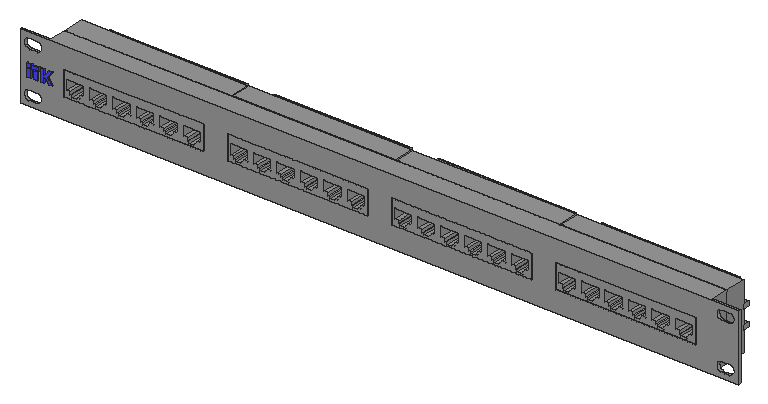
Revit family "ITK_Патч-панель_19-дюймовое крепление_1U_категория 6", category Обобщенные модели, Revit 2019
Family settings
  Может служить основой для арматурных стержней = Нет
  Размер круглого соединителя = Использовать диаметр
  Тип детали = Нормальный
  На основе рабочей плоскости = Нет
  Всегда вертикально = Да
  При загрузке вырезать с полостями = Нет
  Общий = Нет
  Точка расчета площади = Нет
Parameters (values of type "PP24-1UC6U-D05")
  Ширина = 482.6 mm
  Материал = Окраска - RAL 9005
  Изготовитель = "ITK"  # constant formula
  Дата изменения = ""
  Глубина = 37.3 mm
  Высота = 44 mm
  URL = "https://www.iek.ru/"
  KSI_CPr_Строительные изделия = "27.12.31.61.1.04.09-1090"  # constant formula
  KSI_CMa_Строительные материалы = "10.03.02.06"  # constant formula
  IEK_Цена за единицу = 3299.04
  IEK_Поиск в таблице имен = ""
  IEK_Описание = "Соответствие международным стандартам и ГОСТ Р.\r\nДвойная понятная маркировка IDC-модулей и портов.\r\nРасширенный частотный диапазон работы.\r\nУвеличенное количество циклов включения-отключения.\r\nСовместимы со всеми 19\" шкафами и стойками ITK.\r\nПодходят для кабелей и патч-кордов диаметром 22-26 AWG всех производителей.\r\nПрименимы для сетей ISDN, 10baseT, 100baseT, 1000baseT, EIA RS 232/485, 155 Mbit ATM, Token Ring."
  IEK_URL = "https://www.itk-group.ru/produktsiya/catalog/oborudovanie_telekommunikatsionnoe/komponenty_sks_mednye/patch_paneli/patch_paneli_kat_6/patch_paneli_kat_6_neekranirovannye_utp/itk_1u_patch_panel_kat_6_utp_24_porta_dual"
  ADSK_Примечание = ""
  ADSK_Позиция [instance] = ""
  ADSK_Наименование = "ITK 1U патч-панель кат.6 UTP, 24 порта (Dual)"
  ADSK_Материал обозначение = ""
  ADSK_Материал наименование = "Металл и АБС-пластик"  # constant formula
  ADSK_Масса = 1
  ADSK_Марка = ""  # constant formula
  ADSK_Код изделия = "PP24-1UC6U-D05"
  ADSK_Завод-изготовитель = "IEK"  # constant formula
  ADSK_Единица измерения = "шт"  # constant formula
  ADSK_Группирование = "I. ЩИТЫ И ПУЛЬТЫ"  # constant formula
  ADSK_Версия семейства = "1.0"  # constant formula
  ADSK_Версия Revit = "2019"  # constant formula
  ADSK_URL страницы изделия = "https://www.itk-group.ru/produktsiya/catalog/oborudovanie_telekommunikatsionnoe/komponenty_sks_mednye/patch_paneli/patch_paneli_kat_6/patch_paneli_kat_6_neekranirovannye_utp/"
Reference planes
  plane 1 "По центру (Вперед/Назад)": y = 0
  plane 2: z = 0
  plane 3 "По центру (Влево/Вправо)": x = 0
Forms (mm)
  Extrusion 1, solid, material "Окраска - RAL 9005" <- "Материал", detail levels fine
    sketch origin (0, 0, 0) x (1, 0, 0) y (0, 1, 0)
      loop
        line (222, 1.5) -> (222, 27.5) -> (-222, 27.5) -> (-222, 1.5) -> (-241, 1.5) -> (-241, 0) -> (241, 0) -> (241, 1.5) -> (222, 1.5)
    from 44 to 0
  Extrusion 2, void
    sketch origin (0, 0, 0) x (1, 0, 0) y (0, 0, 1)
      loop
        line (-222, 44) -> (-222, 0) -> (222, 0) -> (222, 44) -> (-222, 44)
      loop
        line (221.8, 43.8) -> (110.25, 43.8) -> (0.25, 43.8) -> (-110.25, 43.8) -> (-221.8, 43.8) -> (-221.8, 0.2) -> (221.8, 0.2) -> (221.8, 43.8)
    from -13.5 to -13.7
  Extrusion 3, void
    sketch origin (0, 0, 0) x (1, 0, 0) y (0, 1, 0)
      loop
        line (-110.25, 31.5) -> (-110.25, 13.5) -> (-109.457, 13.5) -> (-109.457, 31.5) -> (-110.25, 31.5)
      loop
        line (-0.25, 31.5) -> (-0.25, 13.5) -> (0.543, 13.5) -> (0.543, 31.5) -> (-0.25, 31.5)
      loop
        line (109.75, 31.5) -> (109.75, 13.5) -> (110.543, 13.5) -> (110.543, 31.5) -> (109.75, 31.5)
    from 44 to 0
  Extrusion 4, solid, material "Окраска - RAL 9005" <- "Материал", detail levels fine
    sketch origin (0, 0, 0) x (0, 1, 0) y (0, 0, 1)
      loop
        line (35.5, 35) -> (37.5, 36.155) -> (37.5, 37.845) -> (35.5, 39) -> (31, 39) -> (31, 40) -> (29.5, 40) -> (28.5, 39) -> (27.5, 40) -> (27.5, 34) -> (28.5, 35) -> (29.5, 34) -> (31, 34) -> (31, 35) -> (35.5, 35)
      loop
        line (35.5, 5) -> (37.5, 6.155) -> (37.5, 7.845) -> (35.5, 9) -> (31, 9) -> (31, 10) -> (29.5, 10) -> (28.5, 9) -> (27.5, 10) -> (27.5, 4) -> (28.5, 5) -> (29.5, 4) -> (31, 4) -> (31, 5) -> (35.5, 5)
    from -118.225 to -209.525
  Extrusion 5, solid, material "Окраска - RAL 9005" <- "Материал", detail levels fine
    sketch origin (110, 0, 0) x (0, 1, 0) y (0, 0, 1)
      loop
        line (35.5, 35) -> (37.5, 36.155) -> (37.5, 37.845) -> (35.5, 39) -> (31, 39) -> (31, 40) -> (29.5, 40) -> (28.5, 39) -> (27.5, 40) -> (27.5, 34) -> (28.5, 35) -> (29.5, 34) -> (31, 34) -> (31, 35) -> (35.5, 35)
      loop
        line (35.5, 5) -> (37.5, 6.155) -> (37.5, 7.845) -> (35.5, 9) -> (31, 9) -> (31, 10) -> (29.5, 10) -> (28.5, 9) -> (27.5, 10) -> (27.5, 4) -> (28.5, 5) -> (29.5, 4) -> (31, 4) -> (31, 5) -> (35.5, 5)
    from -118.225 to -209.525
  Extrusion 6, solid, material "Окраска - RAL 9005" <- "Материал", detail levels fine
    sketch origin (220, 0, 0) x (0, 1, 0) y (0, 0, 1)
      loop
        line (35.5, 35) -> (37.5, 36.155) -> (37.5, 37.845) -> (35.5, 39) -> (31, 39) -> (31, 40) -> (29.5, 40) -> (28.5, 39) -> (27.5, 40) -> (27.5, 34) -> (28.5, 35) -> (29.5, 34) -> (31, 34) -> (31, 35) -> (35.5, 35)
      loop
        line (35.5, 5) -> (37.5, 6.155) -> (37.5, 7.845) -> (35.5, 9) -> (31, 9) -> (31, 10) -> (29.5, 10) -> (28.5, 9) -> (27.5, 10) -> (27.5, 4) -> (28.5, 5) -> (29.5, 4) -> (31, 4) -> (31, 5) -> (35.5, 5)
    from -118.225 to -209.525
  Extrusion 7, solid, material "Окраска - RAL 9005" <- "Материал", detail levels fine
    sketch origin (330, 0, 0) x (0, 1, 0) y (0, 0, 1)
      loop
        line (35.5, 35) -> (37.5, 36.155) -> (37.5, 37.845) -> (35.5, 39) -> (31, 39) -> (31, 40) -> (29.5, 40) -> (28.5, 39) -> (27.5, 40) -> (27.5, 34) -> (28.5, 35) -> (29.5, 34) -> (31, 34) -> (31, 35) -> (35.5, 35)
      loop
        line (35.5, 5) -> (37.5, 6.155) -> (37.5, 7.845) -> (35.5, 9) -> (31, 9) -> (31, 10) -> (29.5, 10) -> (28.5, 9) -> (27.5, 10) -> (27.5, 4) -> (28.5, 5) -> (29.5, 4) -> (31, 4) -> (31, 5) -> (35.5, 5)
    from -118.225 to -209.525
  Extrusion 8, solid, material "Окраска - RAL 9005" <- "Материал", detail levels fine
    sketch origin (0, 0, 0) x (0, 1, 0) y (0, 0, 1)
      loop
        line (27.5, 17.25) -> (27.5, 14.25) -> (31.5, 14.25) -> (31.5, 17.25) -> (27.5, 17.25)
      loop
        line (27.5, 26.75) -> (31.5, 26.75) -> (31.5, 29.75) -> (27.5, 29.75) -> (27.5, 26.75)
    from 9.25 to 0.543
  Extrusion 9, solid, material "Окраска - RAL 9005" <- "Материал", detail levels fine
    sketch origin (-9.5, 0, 0) x (0, 1, 0) y (0, 0, 1)
      loop
        line (27.5, 17.25) -> (27.5, 14.25) -> (31.5, 14.25) -> (31.5, 17.25) -> (27.5, 17.25)
      loop
        line (27.5, 26.75) -> (31.5, 26.75) -> (31.5, 29.75) -> (27.5, 29.75) -> (27.5, 26.75)
    from 9.25 to 0.543
  Extrusion 10, solid, material "Окраска - RAL 9005" <- "Материал", detail levels fine
    sketch origin (-110, 0, 0) x (0, 1, 0) y (0, 0, 1)
      loop
        line (27.5, 17.25) -> (27.5, 14.25) -> (31.5, 14.25) -> (31.5, 17.25) -> (27.5, 17.25)
      loop
        line (27.5, 26.75) -> (31.5, 26.75) -> (31.5, 29.75) -> (27.5, 29.75) -> (27.5, 26.75)
    from 9.25 to 0.543
  Extrusion 11, solid, material "Окраска - RAL 9005" <- "Материал", detail levels fine
    sketch origin (-119.5, 0, 0) x (0, 1, 0) y (0, 0, 1)
      loop
        line (27.5, 17.25) -> (27.5, 14.25) -> (31.5, 14.25) -> (31.5, 17.25) -> (27.5, 17.25)
      loop
        line (27.5, 26.75) -> (31.5, 26.75) -> (31.5, 29.75) -> (27.5, 29.75) -> (27.5, 26.75)
    from 9.25 to 0.543
  Extrusion 12, solid, material "Окраска - RAL 9005" <- "Материал", detail levels fine
    sketch origin (-222.25, 0, 0) x (0, 1, 0) y (0, 0, 1)
      loop
        line (27.5, 17.25) -> (27.5, 14.25) -> (31.5, 14.25) -> (31.5, 17.25) -> (27.5, 17.25)
      loop
        line (27.5, 26.75) -> (31.5, 26.75) -> (31.5, 29.75) -> (27.5, 29.75) -> (27.5, 26.75)
    from 9.25 to 0.543
  Extrusion 13, solid, material "Окраска - RAL 9005" <- "Материал", detail levels fine
    sketch origin (110, 0, 0) x (0, 1, 0) y (0, 0, 1)
      loop
        line (27.5, 17.25) -> (27.5, 14.25) -> (31.5, 14.25) -> (31.5, 17.25) -> (27.5, 17.25)
      loop
        line (27.5, 26.75) -> (31.5, 26.75) -> (31.5, 29.75) -> (27.5, 29.75) -> (27.5, 26.75)
    from 9.25 to 0.543
  Extrusion 14, solid, material "Окраска - RAL 9005" <- "Материал", detail levels fine
    sketch origin (100.5, 0, 0) x (0, 1, 0) y (0, 0, 1)
      loop
        line (27.5, 17.25) -> (27.5, 14.25) -> (31.5, 14.25) -> (31.5, 17.25) -> (27.5, 17.25)
      loop
        line (27.5, 26.75) -> (31.5, 26.75) -> (31.5, 29.75) -> (27.5, 29.75) -> (27.5, 26.75)
    from 9.25 to 0.543
  Extrusion 15, solid, material "Окраска - RAL 9005" <- "Материал", detail levels fine
    sketch origin (212.75, 0, 0) x (0, 1, 0) y (0, 0, 1)
      loop
        line (27.5, 17.25) -> (27.5, 14.25) -> (31.5, 14.25) -> (31.5, 17.25) -> (27.5, 17.25)
      loop
        line (27.5, 26.75) -> (31.5, 26.75) -> (31.5, 29.75) -> (27.5, 29.75) -> (27.5, 26.75)
    from 9.25 to 0.543
  Extrusion 16, void
    sketch origin (0, 0, 0) x (1, 0, 0) y (0, 0, 1)
      loop
        line (-118.2, 30.05) -> (-211.8, 30.05) -> (-211.8, 13.95) -> (-118.2, 13.95) -> (-118.2, 30.05)
      loop
        line (-212, 30.25) -> (-212, 13.75) -> (-118, 13.75) -> (-118, 30.25) -> (-212, 30.25)
      loop
        arc (-229.85, 34.15) -> (-227.481, 35.131) -> (-226.5, 37.5) r 3.35
        arc (-226.5, 37.5) -> (-227.481, 39.869) -> (-229.85, 40.85) r 3.35
        line (-229.85, 40.85) -> (-234.65, 40.85)
        arc (-234.65, 40.85) -> (-238, 37.5) -> (-234.65, 34.15) r 3.35
        line (-234.65, 34.15) -> (-229.85, 34.15)
      loop
        arc (-234.65, 9.85) -> (-238, 6.5) -> (-234.65, 3.15) r 3.35
        line (-234.65, 3.15) -> (-229.85, 3.15)
        arc (-229.85, 3.15) -> (-227.481, 4.131) -> (-226.5, 6.5) r 3.35
        arc (-226.5, 6.5) -> (-227.481, 8.869) -> (-229.85, 9.85) r 3.35
        line (-229.85, 9.85) -> (-234.65, 9.85)
      loop
        line (-8.2, 30.05) -> (-101.8, 30.05) -> (-101.8, 13.95) -> (-8.2, 13.95) -> (-8.2, 30.05)
      loop
        line (-102, 30.25) -> (-102, 13.75) -> (-8, 13.75) -> (-8, 30.25) -> (-102, 30.25)
      loop
        line (8, 30.25) -> (8, 13.75) -> (102, 13.75) -> (102, 30.25) -> (8, 30.25)
      loop
        line (101.8, 30.05) -> (8.2, 30.05) -> (8.2, 13.95) -> (101.8, 13.95) -> (101.8, 30.05)
      loop
        line (211.8, 30.05) -> (118.2, 30.05) -> (118.2, 13.95) -> (211.8, 13.95) -> (211.8, 30.05)
      loop
        line (118, 30.25) -> (118, 13.75) -> (212, 13.75) -> (212, 30.25) -> (118, 30.25)
      loop
        arc (234.65, 34.15) -> (237.019, 35.131) -> (238, 37.5) r 3.35
        arc (238, 37.5) -> (237.019, 39.869) -> (234.65, 40.85) r 3.35
        line (234.65, 40.85) -> (229.85, 40.85)
        arc (229.85, 40.85) -> (226.5, 37.5) -> (229.85, 34.15) r 3.35
        line (229.85, 34.15) -> (234.65, 34.15)
      loop
        arc (229.85, 9.85) -> (226.5, 6.5) -> (229.85, 3.15) r 3.35
        line (229.85, 3.15) -> (234.65, 3.15)
        arc (234.65, 3.15) -> (237.019, 4.131) -> (238, 6.5) r 3.35
        arc (238, 6.5) -> (237.019, 8.869) -> (234.65, 9.85) r 3.35
        line (234.65, 9.85) -> (229.85, 9.85)
    from -2 to 0
  Extrusion 17, void
    sketch origin (0, 0, 0) x (1, 0, 0) y (0, 0, 1)
      loop
        line (-198.4, 18.25) -> (-198.4, 25.05) -> (-210.1, 25.05) -> (-210.1, 18.25) -> (-207.5, 18.25) -> (-207.5, 16.55) -> (-206.25, 16.55) -> (-206.25, 15.25) -> (-202.25, 15.25) -> (-202.25, 16.55) -> (-201, 16.55) -> (-201, 18.25) -> (-198.4, 18.25)
      loop
        line (-182.7, 25.05) -> (-194.4, 25.05) -> (-194.4, 18.25) -> (-191.8, 18.25) -> (-191.8, 16.55) -> (-190.55, 16.55) -> (-190.55, 15.25) -> (-186.55, 15.25) -> (-186.55, 16.55) -> (-185.3, 16.55) -> (-185.3, 18.25) -> (-182.7, 18.25) -> (-182.7, 25.05)
      loop
        line (-167, 25.05) -> (-178.7, 25.05) -> (-178.7, 18.25) -> (-176.1, 18.25) -> (-176.1, 16.55) -> (-174.85, 16.55) -> (-174.85, 15.25) -> (-170.85, 15.25) -> (-170.85, 16.55) -> (-169.6, 16.55) -> (-169.6, 18.25) -> (-167, 18.25) -> (-167, 25.05)
      loop
        line (-151.3, 25.05) -> (-163, 25.05) -> (-163, 18.25) -> (-160.4, 18.25) -> (-160.4, 16.55) -> (-159.15, 16.55) -> (-159.15, 15.25) -> (-155.15, 15.25) -> (-155.15, 16.55) -> (-153.9, 16.55) -> (-153.9, 18.25) -> (-151.3, 18.25) -> (-151.3, 25.05)
      loop
        line (-135.6, 25.05) -> (-147.3, 25.05) -> (-147.3, 18.25) -> (-144.7, 18.25) -> (-144.7, 16.55) -> (-143.45, 16.55) -> (-143.45, 15.25) -> (-139.45, 15.25) -> (-139.45, 16.55) -> (-138.2, 16.55) -> (-138.2, 18.25) -> (-135.6, 18.25) -> (-135.6, 25.05)
      loop
        line (-131.6, 25.05) -> (-131.6, 18.25) -> (-129, 18.25) -> (-129, 16.55) -> (-127.75, 16.55) -> (-127.75, 15.25) -> (-123.75, 15.25) -> (-123.75, 16.55) -> (-122.5, 16.55) -> (-122.5, 18.25) -> (-119.9, 18.25) -> (-119.9, 25.05) -> (-131.6, 25.05)
      loop
        line (-88.4, 25.05) -> (-100.1, 25.05) -> (-100.1, 18.25) -> (-97.5, 18.25) -> (-97.5, 16.55) -> (-96.25, 16.55) -> (-96.25, 15.25) -> (-92.25, 15.25) -> (-92.25, 16.55) -> (-91, 16.55) -> (-91, 18.25) -> (-88.4, 18.25) -> (-88.4, 25.05)
      loop
        line (-84.4, 25.05) -> (-84.4, 18.25) -> (-81.8, 18.25) -> (-81.8, 16.55) -> (-80.55, 16.55) -> (-80.55, 15.25) -> (-76.55, 15.25) -> (-76.55, 16.55) -> (-75.3, 16.55) -> (-75.3, 18.25) -> (-72.7, 18.25) -> (-72.7, 25.05) -> (-84.4, 25.05)
      loop
        line (-68.7, 25.05) -> (-68.7, 18.25) -> (-66.1, 18.25) -> (-66.1, 16.55) -> (-64.85, 16.55) -> (-64.85, 15.25) -> (-60.85, 15.25) -> (-60.85, 16.55) -> (-59.6, 16.55) -> (-59.6, 18.25) -> (-57, 18.25) -> (-57, 25.05) -> (-68.7, 25.05)
      loop
        line (-53, 25.05) -> (-53, 18.25) -> (-50.4, 18.25) -> (-50.4, 16.55) -> (-49.15, 16.55) -> (-49.15, 15.25) -> (-45.15, 15.25) -> (-45.15, 16.55) -> (-43.9, 16.55) -> (-43.9, 18.25) -> (-41.3, 18.25) -> (-41.3, 25.05) -> (-53, 25.05)
      loop
        line (-21.6, 25.05) -> (-21.6, 18.25) -> (-19, 18.25) -> (-19, 16.55) -> (-17.75, 16.55) -> (-17.75, 15.25) -> (-13.75, 15.25) -> (-13.75, 16.55) -> (-12.5, 16.55) -> (-12.5, 18.25) -> (-9.9, 18.25) -> (-9.9, 25.05) -> (-21.6, 25.05)
      loop
        line (-37.3, 25.05) -> (-37.3, 18.25) -> (-34.7, 18.25) -> (-34.7, 16.55) -> (-33.45, 16.55) -> (-33.45, 15.25) -> (-29.45, 15.25) -> (-29.45, 16.55) -> (-28.2, 16.55) -> (-28.2, 18.25) -> (-25.6, 18.25) -> (-25.6, 25.05) -> (-37.3, 25.05)
      loop
        line (9.9, 25.05) -> (9.9, 18.25) -> (12.5, 18.25) -> (12.5, 16.55) -> (13.75, 16.55) -> (13.75, 15.25) -> (17.75, 15.25) -> (17.75, 16.55) -> (19, 16.55) -> (19, 18.25) -> (21.6, 18.25) -> (21.6, 25.05) -> (9.9, 25.05)
      loop
        line (25.6, 25.05) -> (25.6, 18.25) -> (28.2, 18.25) -> (28.2, 16.55) -> (29.45, 16.55) -> (29.45, 15.25) -> (33.45, 15.25) -> (33.45, 16.55) -> (34.7, 16.55) -> (34.7, 18.25) -> (37.3, 18.25) -> (37.3, 25.05) -> (25.6, 25.05)
      loop
        line (41.3, 25.05) -> (41.3, 18.25) -> (43.9, 18.25) -> (43.9, 16.55) -> (45.15, 16.55) -> (45.15, 15.25) -> (49.15, 15.25) -> (49.15, 16.55) -> (50.4, 16.55) -> (50.4, 18.25) -> (53, 18.25) -> (53, 25.05) -> (41.3, 25.05)
      loop
        line (57, 25.05) -> (57, 18.25) -> (59.6, 18.25) -> (59.6, 16.55) -> (60.85, 16.55) -> (60.85, 15.25) -> (64.85, 15.25) -> (64.85, 16.55) -> (66.1, 16.55) -> (66.1, 18.25) -> (68.7, 18.25) -> (68.7, 25.05) -> (57, 25.05)
      loop
        line (72.7, 25.05) -> (72.7, 18.25) -> (75.3, 18.25) -> (75.3, 16.55) -> (76.55, 16.55) -> (76.55, 15.25) -> (80.55, 15.25) -> (80.55, 16.55) -> (81.8, 16.55) -> (81.8, 18.25) -> (84.4, 18.25) -> (84.4, 25.05) -> (72.7, 25.05)
      loop
        line (88.4, 25.05) -> (88.4, 18.25) -> (91, 18.25) -> (91, 16.55) -> (92.25, 16.55) -> (92.25, 15.25) -> (96.25, 15.25) -> (96.25, 16.55) -> (97.5, 16.55) -> (97.5, 18.25) -> (100.1, 18.25) -> (100.1, 25.05) -> (88.4, 25.05)
      loop
        line (119.9, 25.05) -> (119.9, 18.25) -> (122.5, 18.25) -> (122.5, 16.55) -> (123.75, 16.55) -> (123.75, 15.25) -> (127.75, 15.25) -> (127.75, 16.55) -> (129, 16.55) -> (129, 18.25) -> (131.6, 18.25) -> (131.6, 25.05) -> (119.9, 25.05)
      loop
        line (135.6, 25.05) -> (135.6, 18.25) -> (138.2, 18.25) -> (138.2, 16.55) -> (139.45, 16.55) -> (139.45, 15.25) -> (143.45, 15.25) -> (143.45, 16.55) -> (144.7, 16.55) -> (144.7, 18.25) -> (147.3, 18.25) -> (147.3, 25.05) -> (135.6, 25.05)
      loop
        line (151.3, 25.05) -> (151.3, 18.25) -> (153.9, 18.25) -> (153.9, 16.55) -> (155.15, 16.55) -> (155.15, 15.25) -> (159.15, 15.25) -> (159.15, 16.55) -> (160.4, 16.55) -> (160.4, 18.25) -> (163, 18.25) -> (163, 25.05) -> (151.3, 25.05)
      loop
        line (167, 25.05) -> (167, 18.25) -> (169.6, 18.25) -> (169.6, 16.55) -> (170.85, 16.55) -> (170.85, 15.25) -> (174.85, 15.25) -> (174.85, 16.55) -> (176.1, 16.55) -> (176.1, 18.25) -> (178.7, 18.25) -> (178.7, 25.05) -> (167, 25.05)
      loop
        line (182.7, 25.05) -> (182.7, 18.25) -> (185.3, 18.25) -> (185.3, 16.55) -> (186.55, 16.55) -> (186.55, 15.25) -> (190.55, 15.25) -> (190.55, 16.55) -> (191.8, 16.55) -> (191.8, 18.25) -> (194.4, 18.25) -> (194.4, 25.05) -> (182.7, 25.05)
      loop
        line (198.4, 25.05) -> (198.4, 18.25) -> (201, 18.25) -> (201, 16.55) -> (202.25, 16.55) -> (202.25, 15.25) -> (206.25, 15.25) -> (206.25, 16.55) -> (207.5, 16.55) -> (207.5, 18.25) -> (210.1, 18.25) -> (210.1, 25.05) -> (198.4, 25.05)
    from -20 to 0
  Extrusion 18, solid, material "Пластик белый", detail levels fine
    sketch origin (-228.299, 0, 17.715) x (1, 0, 0) y (0, 0, 1)
      loop
        line (-7.624, 5.29) -> (-7.624, 0) -> (-5.312, 0) -> (-5.312, 5.29) -> (-7.624, 5.29)
      loop
        line (-0.808, 5.29) -> (-2.986, 5.29) -> (-2.986, 0) -> (-0.808, 0) -> (-0.808, 5.29)
      loop
        line (-7.624, 6.027) -> (-5.312, 6.027) -> (-5.312, 8.272) -> (-7.624, 8.272) -> (-7.624, 6.027)
      loop
        line (1.567, 8.272) -> (1.567, 0) -> (3.747, 0) -> (3.747, 3.101) -> (4.58, 3.101) -> (6.594, 0) -> (9.251, 0) -> (6.241, 4.142) -> (9.251, 8.272) -> (6.594, 8.272) -> (4.58, 5.17) -> (3.747, 5.17) -> (3.747, 8.272) -> (1.567, 8.272)
      loop
        line (-4.24, 6.027) -> (0.447, 6.027) -> (0.447, 8.272) -> (-4.24, 8.272) -> (-4.24, 6.027)
    from 0 to 0.554
  Extrusion 19, solid, detail levels coarse+medium
    sketch origin (0, 0, 0) x (1, 0, 0) y (0, 1, 0)
      loop
        line (-241, 0) -> (241, 0) -> (241, 37.5) -> (-241, 37.5) -> (-241, 0)
    from 44 <- "Высота" to 0
Cuts and joins
  Extrusion 2, Extrusion 3, Extrusion 16, Extrusion 17 cuts Extrusion 1
Dimensions and locks
  aligned and locked: level to plane 2
